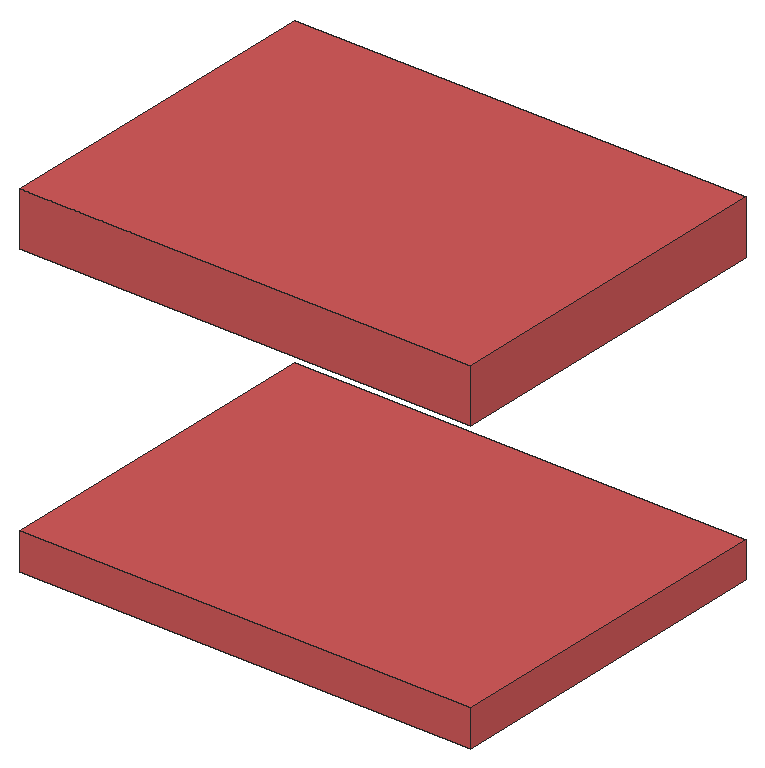
Revit family "BD_Floor Support & Fire Barrier", category Electrical Equipment, Revit 2025
Family settings
  Panel Configuration = Two Columns, Circuits Across
  Round Connector Dimension = Use Diameter
  Part Type = Panelboard
  OmniClass Number = 23.80.30.11.17
  OmniClass Title = Distribution Boards and Control Panels
  Work Plane-Based = No
  Always vertical = Yes
  Cut with Voids When Loaded = No
  Maintain Annotation Orientation = No
  Shared = No
  Room Calculation Point = No
Parameters (values of type "Spring Hanger + Fire Seal 2h")
  built-in parameter 1140142 [instance] = -1
  built-in parameter 1140140 [instance] = 1 (stored number, unit not read)
  built-in parameter 1155100 [instance] = -1
  Default Elevation = 0 mm
Reference planes
  plane 1 "Center (Front/Back)": y = 0
  plane 2: z = 0
  plane 3 "Center (Left/Right)": x = 0
Forms (mm)
  Extrusion 1, solid, material "Fire Barrier - Red"
    sketch origin (0, 0, -320) x (1, 0, 0) y (0, 1, 0)
      loop
        line (-250, -190) -> (250, -190) -> (250, 190) -> (-250, 190) -> (-250, -190)
    from 0 to 40
  Extrusion 2, solid, material "Fire Barrier - Red"
    sketch origin (0, 0, 0) x (1, 0, 0) y (0, 1, 0)
      loop
        line (-250, -190) -> (250, -190) -> (250, 190) -> (-250, 190) -> (-250, -190)
    from 0 to 60
Dimensions and locks
  aligned and locked: level to plane 2
